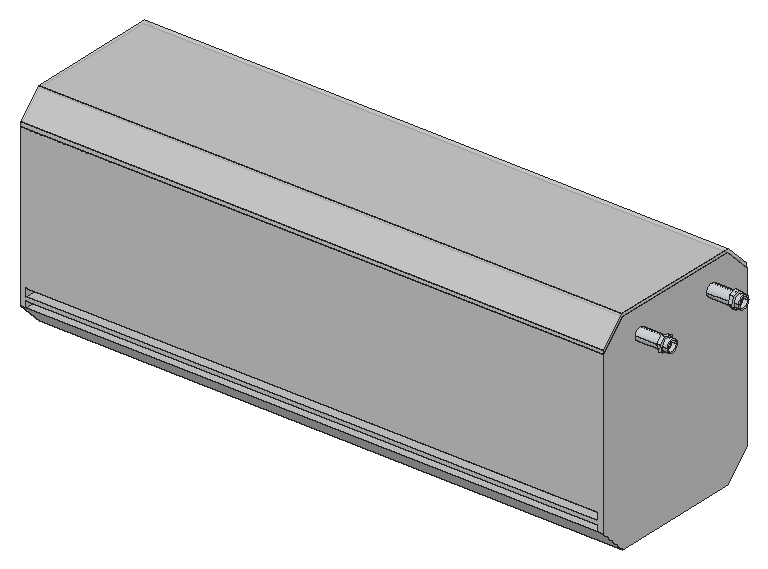
Revit family "Air-Curtain_Climate-Control_PoweredAire_ECE-ST", category Mechanical Equipment, host Face, Revit 2022
Family settings
  Host = Face
  Round Connector Dimension = Use Diameter
  Part Type = Normal
  OmniClass Number = 23.75.35.17.21
  OmniClass Title = Air Curtains
  Cut with Voids When Loaded = No
  Maintain Annotation Orientation = No
  Shared = No
  Room Calculation Point = No
Parameters
  upperrotation [instance] = if(Upper Pipe Connection Side A, 0.00°, 180.00°)  # 0.00°
  lowerrotation [instance] = if(Lower Pipe Connection Side A, 0.00°, 180.00°)  # 0.00°
  locateupperpipe [instance] = if(Upper Pipe Connection Side A, 0.00", Nozzle Width)  # 0.00"
  locatelowerpipe [instance] = if(Lower Pipe Connection Side A, 0.00", Nozzle Width)  # 0.00"
  Upper Pipe Connection Side A [instance] = yes
  Unit Width Notes = "Other Widths available."  # constant formula
  Unit Width = 49.00"
  Unit Weight = 0
  Unit Height = 15.00"
  Unit Depth [instance] = if(Include Filters, 25.875", 23.75")  # 23.75"
  Unit  depth [instance] = 17.50"
  URL = "http://www.poweredaire.com/"
  Specification = ""
  Projection from Host [instance] = 2.00"
  Product Page URL = "https://www.arcat.com/company/powered-aire-inc-47623"
  Power Rating = 0 W
  Piping_Water Flow [instance] = 0 GPM
  Piping_Operating Pressure [instance] = 0.00 psi
  Piping_Exit Temperature [instance] = 0 °F
  Piping_Entry Temperature [instance] = 0 °F
  Pipe OD [instance] = 5/8"
  Nozzle Width = if(1 = 1, Unit Width - 3.00", 0.00")  # 46.00"
  Mounting Width = if(1 = 1, Unit Width - 1.50", 0.00")  # 47.50"
  Mounting Height [instance] = 55.00"
  Motor RPM = 0
  Motor HP = 0
  Motor Count = 0
  Model = "ECE ST"
  Max Height = 0.00"
  Manufacturer = "Powered Aire, Inc"
  Lower Pipe Connection Side A [instance] = yes
  Keynote = "23 34 33"
  Include Filters [instance] = no
  Include Clearance [instance] = yes
  Heating Element Load = 0 W
  HVAC_Temperature Rise [instance] = 0 °F
  HVAC_Outlet Volume [instance] = 0 CFM
  HVAC_Outlet Velocity Uniformity = 0
  HVAC_Outlet Velocity [instance] = 0 FPM
  HVAC_BTU Input = 0.0 Btu/h
  Front Grating Material [instance] = Metal - Steel - PoweredAire - Stainless 304 Perforated
  Frame Finish [instance] = Metal - Steel - PoweredAire - Stainless 304
  Electrical_Wattage [instance] = Power Rating + Heating Element Load  # 0 W
  Electrical_Voltage [instance] = 0 V
  Electrical_Phase [instance] = 1
  Electrical_Frequency [instance] = 0 Hz
  Electrical_Amperage [instance] = 0 A
  Description = ""
  Default Elevation = 0.00"  # constant formula
  Copyright = "©Arcat Inc."
  Clearance_Top [instance] = 20.50"
  Clearance_Side B [instance] = 11.875"
  Clearance_Side A [instance] = 11.875"
  Clearance_Intake [instance] = 8.75"
  Clearance_Bottom [instance] = 12.00"
  Clearance Material [instance] = ARCAT Clearance
  CAD Details = ""
  Assembly Code = "D3090400"
Reference planes (in)
  plane 1 "Center (Elevation)": y = 13.13818
  plane 2: z = 0
  plane 3 "Center (Left/Right)": x = 0
  plane 4 "FF": y = -41.86182
  plane 5: z = 2
  plane 6: x = 24.5
  plane 7: x = -24.5
  plane 8: z = 19.5
  plane 9: z = 17.5
  plane 10: z = 4
  plane 11: z = 11.00407
  plane 12: x = -24
  plane 13: x = 24
  plane 14: y = 20.63818
  plane 15: y = 5.63818
  plane 16: z = 0
Forms (in)
  Extrusion 1, solid, material "Metal - Steel - PoweredAire - Stainless 304" <- "Frame Finish"
    sketch origin (0, 0, 6.73006) x (0, 1, 0) y (0, 0, 1)
      loop
        line (5.63818, -2.73006) -> (7.63818, -4.73006) -> (18.63818, -4.73006) -> (20.63818, -2.73006) -> (20.63818, 10.76994) -> (18.63818, 12.76994) -> (7.63818, 12.76994) -> (5.63818, 10.76994) -> (5.63818, -2.73006)
    from -24.5 to 24.5
  Extrusion 2, void
    sketch origin (0, 0.875, 1) x (0, 1, 0) y (0, 0, 1)
      loop
        line (4.76318, 3) -> (5.76318, 3) -> (5.76318, 4.5) -> (4.76318, 4.5) -> (4.76318, 3.82425) -> (5.61636, 3.82425) -> (5.61636, 3.57425) -> (4.76318, 3.57425) -> (4.76318, 3)
    from -24 to 24
  Extrusion 3, solid
    sketch origin (0, 13.13818, 0) x (1, 0, 0) y (0, 0, 1)
      loop
        line (1.75, 15.38) -> (-1.75, 15.38)
        arc (-1.75, 15.38) -> (-1.92678, 15.30678) -> (-2, 15.13) r 0.25
        line (-2, 15.13) -> (-2, 11.63)
        arc (-2, 11.63) -> (-1.92678, 11.45322) -> (-1.75, 11.38) r 0.25
        line (-1.75, 11.38) -> (1.75, 11.38)
        arc (1.75, 11.38) -> (1.92678, 11.45322) -> (2, 11.63) r 0.25
        line (2, 11.63) -> (2, 15.13)
        arc (2, 15.13) -> (1.92678, 15.30678) -> (1.75, 15.38) r 0.25
    from -9.75 to -7.5
  Extrusion 4, solid, material "Metal - Steel - PoweredAire - Stainless 304 Perforated" <- "Front Grating Material"
    sketch origin (0, 0, 0) x (0, 1, 0) y (0, 0, 1)
      loop
        line (20.63818, 17.5) -> (20.63818, 17.83698) -> (18.73688, 19.73828) -> (7.53948, 19.73828) -> (5.63818, 17.83698) -> (5.63818, 17.5) -> (7.63818, 19.5) -> (18.63818, 19.5) -> (20.63818, 17.5)
    from -24.5 to 24.5
  Extrusion 5, solid
    sketch origin (0, 13.13818, 0) x (1, 0, 0) y (0, 0, 1)
      loop
        circle (1.8, 15.18) r 0.05
      loop
        circle (-1.8, 11.58) r 0.05
    from -9.79 to -9.75
  Extrusion 6, void
    sketch origin (0, 13.13818, 0) x (1, 0, 0) y (0, 0, 1)
      loop
        circle (24, 15.5) r 0.38
      loop
        circle (24, 6) r 0.38
      loop
        circle (-24, 6) r 0.38
      loop
        circle (-24, 15.5) r 0.38
    from -28.84517 to 2.26874
Cuts and joins
  Extrusion 2, Extrusion 6 cuts Extrusion 1
Dimensions and locks (in)
  equal spacing: plane 7, plane 3 "Center (Left/Right)", plane 6
  "Unit Width": plane 7 to plane 6
  locked: plane 7 to plane 12 at 0.5
  locked: plane 13 to plane 6 at 0.5
  equal spacing: plane 15, plane 1 "Center (Elevation)", plane 14
  "Unit Height": plane 15 to plane 14
  plane 14 to plane 1 "Center (Elevation)" to plane 15 = 7.50", 7.50"
  Extrusion 2 sketch curve to Extrusion 2 sketch curve to Extrusion 2 sketch curve to Extrusion 2 sketch curve = 0.67575" locked, 0.25" locked, 0.57425" locked
  locked: Extrusion 2 sketch curve to Extrusion 2 sketch curve at 0.14681
  plane 11 to cut or joined group of Extrusion 1, Extrusion 2, Extrusion 6 = 9.00407"
  locked: plane 14 to Extrusion 3 at 2.25  (x2)
  locked: Extrusion 1 sketch curve to plane 5 at 2  (x2)
  locked: Extrusion 3 sketch curve to Extrusion 3 sketch curve at 4  (x2)
  equal spacing: Extrusion 3 sketch curve, plane 3 "Center (Left/Right)", Extrusion 3 sketch curve
  locked: Extrusion 3 sketch curve to plane 9 at 2.12
  locked: plane 10 to plane 5 at 2
  locked: plane 14 to Extrusion 1 sketch curve at 2
  locked: Extrusion 1 sketch curve to plane 15 at 2
  locked: plane 8 to plane 9 at 2
  "Unit  depth": plane 8 to plane 5
  "Projection from Host": plane 5 to plane 16
  locked: Extrusion 4 sketch curve to cut or joined group of Extrusion 1, Extrusion 2, Extrusion 6 at 0.23828  (x3)
  locked: Extrusion 5 to Extrusion 3 at 0.04
  locked: nested 1 to plane 15 at 3.75027
  locked: nested 2 to plane 14 at 3.75027
  "Mounting Height": plane 1 "Center (Elevation)" to plane 4 "FF"
  aligned and locked: plane 2 to host face
  aligned and locked: level to host face
  aligned and locked: plane 10 to cut or joined group of Extrusion 1, Extrusion 2, Extrusion 6
  aligned and locked: cut or joined group of Extrusion 1, Extrusion 2, Extrusion 6 to plane 10  (x2)
  aligned and locked: plane 8 to cut or joined group of Extrusion 1, Extrusion 2, Extrusion 6
  aligned and locked: plane 9 to cut or joined group of Extrusion 1, Extrusion 2, Extrusion 6
  aligned and locked: cut or joined group of Extrusion 1, Extrusion 2, Extrusion 6 to plane 8
  aligned and locked: cut or joined group of Extrusion 1, Extrusion 2, Extrusion 6 to plane 5
  aligned and locked: host face to plane 16
  aligned and locked: cut or joined group of Extrusion 1, Extrusion 2, Extrusion 6 to plane 7
  aligned and locked: plane 6 to cut or joined group of Extrusion 1, Extrusion 2, Extrusion 6
  aligned and locked: cut or joined group of Extrusion 1, Extrusion 2, Extrusion 6 to plane 12
  aligned and locked: plane 13 to cut or joined group of Extrusion 1, Extrusion 2, Extrusion 6
  aligned and locked: Extrusion 4 sketch curve to plane 8
  aligned and locked: Extrusion 4 to cut or joined group of Extrusion 1, Extrusion 2, Extrusion 6  (x5)
  aligned and locked: plane 14 to Extrusion 3
  aligned and locked: Extrusion 5 to Extrusion 3
  aligned and locked: nested 1 to plane 6
Automatic sketch dimensions
  host sketch curve to host sketch curve = 96.00"  (x2)
  Extrusion 1 sketch curve to plane 15 = 0.00"
  plane 8 to Extrusion 1 sketch curve = 0.00"
  Extrusion 1 sketch curve to plane 5 = 0.00"
  Extrusion 1 sketch curve to plane 9 = 0.00"  (x2)
  plane 15 to Extrusion 1 sketch curve = 2.00"
  plane 14 to Extrusion 1 sketch curve = 2.00"
  plane 10 to Extrusion 2 sketch curve = 0.00"
  Extrusion 2 sketch curve to plane 15 = 0.00"  (x2)
  Extrusion 2 sketch curve to Extrusion 2 sketch curve = 0.85319"
  Extrusion 1 sketch curve to plane 14 = 0.00"
  Extrusion 4 sketch curve to plane 9 = 0.00"  (x2)
  Extrusion 4 sketch curve to plane 14 = 0.00"
  Extrusion 4 sketch curve to Extrusion 4 sketch curve = 0.0987"  (x2)
  Extrusion 4 sketch curve to plane 15 = 0.00"
  Extrusion 3 sketch curve to Extrusion 3 sketch curve = 0.25"  (x4)
  plane 11 to Extrusion 5 sketch curve = 0.57593"
  Extrusion 5 sketch curve to plane 3 "Center (Left/Right)" = 1.80"
  Extrusion 5 sketch curve to plane 9 = 2.32"
  plane 3 "Center (Left/Right)" to Extrusion 5 sketch curve = 1.80"
  Extrusion 6 sketch curve to plane 12 = 0.00"  (x2)
  Extrusion 6 sketch curve to plane 13 = 0.00"  (x2)
  Extrusion 6 sketch curve to plane 10 = 2.00"  (x2)
  Extrusion 6 sketch curve to plane 9 = 2.00"  (x2)
  radius of Extrusion 5 sketch curve = 0.05"  (x2)
  radius of Extrusion 6 sketch curve = 0.38"  (x4)
Nested families (in)
  nested 1: "Valve" at (24.5, 9.38845, 30.15595) x (0, 1, 0) z (1, 0, 0), type "Valve"
    with upperpiperotation 0.00°, lowerpiperotation 0.00°, locateupperpipe 0.00", locatelowerpipe 0.00", Upper Pipe Connection Side A yes, Projection from Host 4.00", Piping_Water Flow 0 GPM, Piping_Operating Pressure 0.00 psi, Piping_Exit Temperature 0 °F, Piping_Entry Temperature 0 °F, Pipe OD 5/8", Mounting Height 42.00", Lower Pipe Connection Side A yes, Include Clearance yes, Front Grating Material Metal - Steel - PoweredAire - White Perforated, Frame Finish Metal - Steel - PoweredAire - Stainless 304, Electrical_Wattage 0 W, Electrical_Voltage 0 V, Electrical_Phase 1, Electrical_Frequency 0 Hz, Electrical_Amperage 0 A, Cover Finish Metal - Steel - PoweredAire - White, Clearance_Top 0.00", Clearance_Side B 0.00", Clearance_Side A 0.00", Clearance_Intake 0.00", Clearance_Front 43.00", Clearance Material ARCAT Clearance
  nested 2: "Valve" at (24.5, 16.88791, 30.15595) x (0, -1, 0) z (1, 0, 0), type "Valve"
    with upperpiperotation 0.00°, lowerpiperotation 0.00°, locateupperpipe 0.00", locatelowerpipe 0.00", Upper Pipe Connection Side A yes, Projection from Host 4.00", Piping_Water Flow 0 GPM, Piping_Operating Pressure 0.00 psi, Piping_Exit Temperature 0 °F, Piping_Entry Temperature 0 °F, Pipe OD 5/8", Mounting Height 42.00", Lower Pipe Connection Side A yes, Include Clearance yes, Front Grating Material Metal - Steel - PoweredAire - White Perforated, Frame Finish Metal - Steel - PoweredAire - Stainless 304, Electrical_Wattage 0 W, Electrical_Voltage 0 V, Electrical_Phase 1, Electrical_Frequency 0 Hz, Electrical_Amperage 0 A, Cover Finish Metal - Steel - PoweredAire - White, Clearance_Top 0.00", Clearance_Side B 0.00", Clearance_Side A 0.00", Clearance_Intake 0.00", Clearance_Front 43.00", Clearance Material ARCAT Clearance
Definition of nested family "Valve"
  Parameters (values of type "Valve")
    upperpiperotation [instance] = if(Upper Pipe Connection Side A, 0.00°, 180.00°)  # 0.00°
    lowerpiperotation [instance] = if(Lower Pipe Connection Side A, 0.00°, 180.00°)  # 0.00°
    locateupperpipe [instance] = if(Upper Pipe Connection Side A, 0.00", Nozzle Width)  # 0.00"
    locatelowerpipe [instance] = if(Lower Pipe Connection Side A, 0.00", Nozzle Width)  # 0.00"
    Upper Pipe Connection Side A [instance] = yes
    Unit Width Notes = "Other Widths available."  # constant formula
    Unit Width = 73.00"
    Unit Weight = 0
    Unit Height = 15.00"
    Unit Depth = 17.00"
    URL = "http://www.poweredaire.com/"
    Specification = ""
    Projection from Host [instance] = 4.00"
    Product Page URL = "https://www.arcat.com/company/powered-aire-inc-47623"
    Power Rating = 0 W
    Piping_Water Flow [instance] = 0 GPM
    Piping_Operating Pressure [instance] = 0.00 psi
    Piping_Exit Temperature [instance] = 0 °F
    Piping_Entry Temperature [instance] = 0 °F
    Pipe OD [instance] = 5/8"
    Nozzle Width = if(1 = 1, Unit Width - 3.00", 0.00")  # 70.00"
    Mounting Width = if(1 = 1, Unit Width - 1.50", 0.00")  # 71.50"
    Mounting Height [instance] = 42.00"
    Motor RPM = 0
    Motor HP = 0
    Motor Count = 0
    Model = "CLD CHD HW ST"
    Max Height = 0.00"
    Manufacturer = "Powered Aire, Inc"
    Lower Pipe Connection Side A [instance] = yes
    Keynote = "23 34 33"
    Junction Height = 1.77"
    Include Clearance [instance] = yes
    Heating Element Load = 0 W
    HVAC_Temperature Rise = 0 °F
    HVAC_Outlet Volume = 0 CFM
    HVAC_Outlet Velocity Uniformity = 0
    HVAC_Outlet Velocity = 0 FPM
    HVAC_BTU Input = 0.0 Btu/h
    Front Grating Material [instance] = none
    Frame Finish [instance] = none
    Electrical_Wattage [instance] = Power Rating + Heating Element Load  # 0 W
    Electrical_Voltage [instance] = 0 V
    Electrical_Phase [instance] = 1
    Electrical_Frequency [instance] = 0 Hz
    Electrical_Amperage [instance] = 0 A
    Description = ""
    Default Elevation = 0.00"  # constant formula
    Cover Finish [instance] = none
    Copyright = "©Arcat Inc."
    Clearance_Top [instance] = 0.00"
    Clearance_Side B [instance] = 0.00"
    Clearance_Side A [instance] = 0.00"
    Clearance_Intake [instance] = 0.00"
    Clearance_Front [instance] = 43.00"
    Clearance Material [instance] = none
    CAD Details = ""
    Assembly Code = "D3090400"
  Reference planes (in)
    plane 1 "Center (Elevation)": y = -12.65595
    plane 2: z = 0
    plane 3 "Center (Left/Right)": x = 0
  Forms (in)
    Extrusion 1, solid
      sketch origin (0, 0, 0) x (1, 0, 0) y (0, 1, 0)
        loop
          line (-60, 48) -> (-60, -48) -> (63.22671, -48) -> (63.22671, 48) -> (-60, 48)
      from 0 to -12
    Extrusion 2, solid
      sketch origin (0, 0, 0) x (1, 0, 0) y (0, 1, 0)
        loop
          circle (0, -12.65595) r 0.45
        loop
          circle (0, -12.65595) r 0.5
      from 0 to 2.75
    Extrusion 3, solid
      sketch origin (0, 0, 0) x (1, 0, 0) y (0, 1, 0)
        loop
          line (0.64691, -12.82929) -> (0.47357, -12.18238) -> (-0.17334, -12.00904) -> (-0.64691, -12.48261) -> (-0.47357, -13.12952) -> (0.17334, -13.30286) -> (0.64691, -12.82929)
        loop
          circle (0, -12.65595) r 0.5
      from 1.99342 to 2.31497
  Dimensions and locks (in)
    aligned and locked: plane 2 to Extrusion 1
    aligned and locked: level to Extrusion 1
